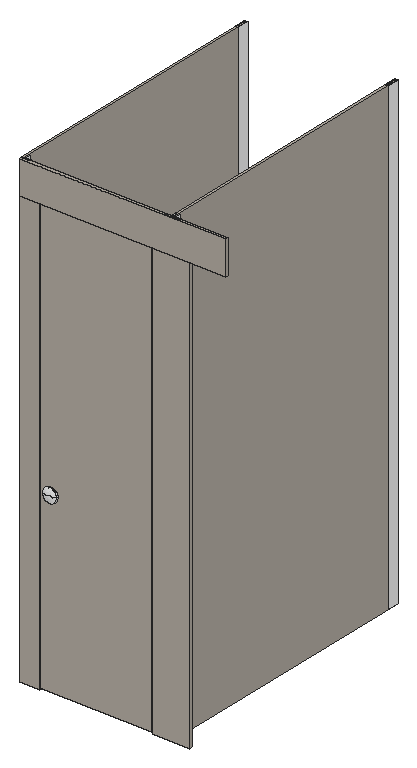
Revit family "NBS_ConceptCubicleSystems_PnlCbclSym_Identity", category Specialty Equipment, Revit 2021 (continued)
Types in the file's own list only (16): name | Pilasters | Panels | PanelThickness | Name | NBSVariantId | ModelReference | Lippings | IsWallEndSingleCubicle | IsWallEndFirstCubicle | IsWallEndEndCubicle | IsSingleCubicle | IsWallToWallSingleCubicle | IsMiddleCubicle | IsFirstCubicle | IsEndCubicle | HasPilasterRightWall | HasPilasterRightCorner | HasPilasterRight | HasPilasterLeftWall | HasPilasterLeftCorner | HasPartitionRight | HasPartitionLeft | Doors | Description | BIMObjectName
  19mmHighPressureLaminatedHPLBoard_WallEndFirstCubicle | "19 mm High Pressure Laminated (HPL) board" | "19 mm High Pressure Laminated (HPL) board" | 19 mm | "PanelCubicleSystems_IdentityCubicleSystem_19mmHighPressureLaminatedHPLBoard_WallEndFirstCubicle_ConceptCubicleSystems" | "e11e2871-dea8-3711-a60a-4fc1bb755545" | "Identity Cubicle System 19 mm High Pressure Laminated (HPL) board" | "Zero edge ABS edging" | No | Yes | No | No | No | No | No | No | No | No | Yes | Yes | No | Yes | No | "19 mm High Pressure Laminated (HPL) board" | "Robust, flush-fronted cubicle system." | "NBS_ConceptCubicleSystems_PanelCubicleSystems_IdentityCubicleSystem_19mmHighPressureLaminatedHPLBoard_WallEndFirstCubicle"
